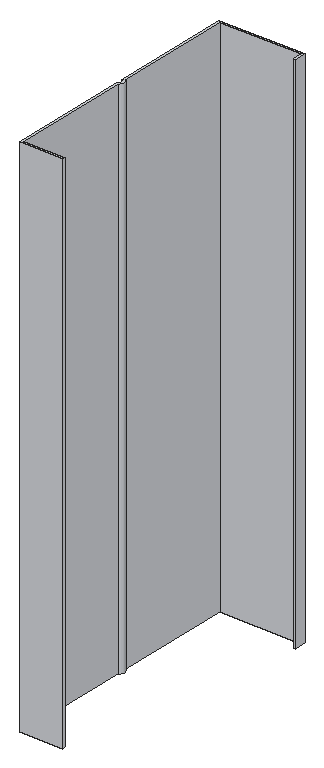
Revit family "Web stiffener", category Structural Columns, Revit 2024
Family settings
  Section Shape = C-channel Parallel Flange
  Material for Model Behavior = Steel
  Always export as geometry = No
  Beam cutback in plan = From geometry
  Cut with Voids When Loaded = No
  Symbolic Representation = From Family
  Shared = No
  Show family pre-cut in plan views = Yes
Parameters (values of type "Default")
  width2 = 0' - 0 5/8"
  tf = 0' - 0 9/256"
  d = 0' - 3 5/8"
  bf = 0' - 1 1/4"
  URL = "https://www.marinoware.com/product-category/framerite-connectors/joist-framing/"
  Structural Material [instance] = none
  Short Tag = ""
  Return = 0' - 0 1/8"
  Product Submittal Link = "https://www.marinoware.com/submittal/"
  Product Info = "Web Stiffener (JS)"
  Model = "V2"
  Manufacturer = "Marino\\WARE®"
  Long Tag = ""
  Height = 0' - 7 11/16"
Reference planes (in)
  plane 1 "Center (Front/Back)": y = -0.42272
  plane 2: z = 0
  plane 3 "Center (Left/Right)": x = 0.27765
  plane 4 "Left": x = -0.34735
  plane 5 "Right": x = 0.90265
  plane 6 "Back": y = 1.38978
  plane 7 "Front": y = -2.23522
  plane 8: x = 0.86749
  plane 9: x = -0.3122
  plane 10: y = 1.35462
  plane 11: y = -2.20007
  plane 12: y = 1.22962
  plane 13: y = -2.07507
  plane 14: x = 0.27765
Forms (in)
  Extrusion 1, solid, material <- "Structural Material", detail levels medium+fine
    sketch origin (0, 0, 0) x (1, 0, 0) y (0, 1, 0)
      loop
        line (-0.34735, 1.38978) -> (-0.34735, -0.37717)
        arc (-0.34735, -0.37717) -> (-0.31219, -0.42203) -> (-0.34737, -0.46689) r 0.04619
        line (-0.34737, -0.46689) -> (-0.34737, -2.23522) -> (0.27765, -2.23522) -> (0.27765, -2.20007) -> (-0.3122, -2.20007) -> (-0.3122, -0.48717)
        arc (-0.3122, -0.48717) -> (-0.27566, -0.42203) -> (-0.3122, -0.35688) r 0.07635
        line (-0.3122, -0.35688) -> (-0.3122, 1.35462) -> (0.86749, 1.35462) -> (0.86749, 1.22962) -> (0.90265, 1.22962) -> (0.90265, 1.38978) -> (-0.34735, 1.38978)
    from 0 to 7.6875
Lines and regions (in)
  model lines, style "BIMSF.Framing", not visible, detail levels coarse
    curve 1: line (0.27765, -0.42272, 7.6875) -> (0.27765, -0.42272, 0)
Dimensions and locks (in)
  equal spacing: plane 4 "Left", plane 3 "Center (Left/Right)", plane 5 "Right"
  equal spacing: plane 7 "Front", plane 1 "Center (Front/Back)", plane 6 "Back"
  "bf": plane 4 "Left" to plane 5 "Right"
  "d": plane 7 "Front" to plane 6 "Back"
  "tf": plane 6 "Back" to plane 10
  "tf": plane 11 to plane 7 "Front"
  "tf": plane 8 to plane 5 "Right"
  "tf": plane 4 "Left" to plane 9
  "Return": plane 10 to plane 12
  "Height": Extrusion 1 to Extrusion 1
  "width2": plane 4 "Left" to plane 14
  aligned and locked: Extrusion 1 sketch curve to plane 6 "Back"
  aligned and locked: plane 4 "Left" to Extrusion 1 sketch curve
  aligned and locked: plane 7 "Front" to Extrusion 1 sketch curve
  aligned and locked: plane 11 to Extrusion 1 sketch curve
  aligned and locked: Extrusion 1 sketch curve to plane 9
  aligned and locked: Extrusion 1 sketch curve to plane 10
  aligned and locked: Extrusion 1 sketch curve to plane 8
  aligned and locked: Extrusion 1 sketch curve to plane 12
  aligned and locked: Extrusion 1 sketch curve to plane 5 "Right"
  aligned and locked: level to Extrusion 1
  aligned and locked: Extrusion 1 to level
  aligned and locked: curve 1 to plane 1 "Center (Front/Back)"
  aligned and locked: level to curve 1
  aligned and locked: plane 14 to Extrusion 1
Automatic sketch dimensions
  curve 1 to level = 0' - 0"
  Extrusion 1 sketch curve to plane 9 = 0' - 0"
  plane 5 "Right" to Extrusion 1 sketch curve = 0' - 0 5/8"
  plane 4 "Left" to Extrusion 1 sketch curve = 0' - 0"
  Extrusion 1 sketch curve to plane 1 "Center (Front/Back)" = 0' - 0.0007"  (x2)
  plane 4 "Left" to Extrusion 1 sketch curve = 0' - 0.00466"
  Extrusion 1 sketch curve to Extrusion 1 sketch curve = 0' - 0.00638"
  plane 1 "Center (Front/Back)" to Extrusion 1 sketch curve = 0' - 0.06445"
  Extrusion 1 sketch curve to Extrusion 1 sketch curve = 0' - 0.02029"
